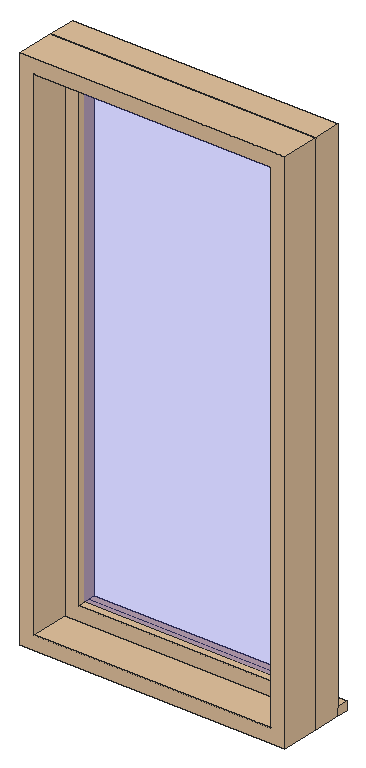
Revit family
Parameters (values of type "24" x 48"")
  Assembly Code = "B2020100"
  Glass Pane Material = Glass
  Height [instance] = 4' - 0"
  Sash Material = Sash
  Default Sill Height = 3' - 0"
  Wall Closure = (empty or 0)
  Width [instance] = 2' - 0"
  Window Inset = 0' - 0 3/4"
Types (4): name | Height | Default Sill Height | Width
  (no name) | 4' - 0" | 3' - 0" | 2' - 0"
  24" x 48" | 4' - 0" | 3' - 0" | 2' - 0"
  16" x 24" | 2' - 0" | 3' - 0" | 1' - 4"
  36" x 72" | 6' - 0" | 1' - 0" | 3' - 0"
Reference planes (in)
  plane 1: y = 0
  plane 2: z = 0
  plane 3 "Center": x = -1.5
  plane 4 "Left": x = -13.5
  plane 5 "Right": x = 10.5
  plane 6 "Sill": z = 36
  plane 7 "Top": z = 84
  plane 8: y = 3
  plane 9: y = -3
  plane 10: y = 2.25
  plane 11 "Closure": y = 1.125
Forms (in)
  Extrusion 1, solid, material "Sash" <- "Sash Material"
    sketch origin (0, 0, 0) x (1, 0, 0) y (0, 0, 1)
      loop
        line (-13.5, 84) -> (-13.5, 36) -> (10.5, 36) -> (10.5, 84) -> (-13.5, 84)
      loop
        line (-12.75, 83.25) -> (-12.75, 36.75) -> (9.75, 36.75) -> (9.75, 83.25) -> (-12.75, 83.25)
    from -3 to -0.5
  Extrusion 2, solid, material "Sash" <- "Sash Material"
    sketch origin (0, 0, 0) x (-1, 0, 0) y (0, 0, 1)
      loop
        line (-10.5, 84) -> (-10.5, 36) -> (13.5, 36) -> (13.5, 84) -> (-10.5, 84)
      loop
        line (-9.25, 82.75) -> (-9.25, 37.25) -> (12.25, 37.25) -> (12.25, 82.75) -> (-9.25, 82.75)
    from 0.5 to -3
  Extrusion 3, solid, material "Sash" <- "Sash Material"
    sketch origin (0, 0, 0) x (-1, 0, 0) y (0, 0, 1)
      loop
        line (-9.75, 83.25) -> (-9.75, 36.75) -> (12.75, 36.75) -> (12.75, 83.25) -> (-9.75, 83.25)
      loop
        line (-8, 81.5) -> (-8, 38.5) -> (11, 38.5) -> (11, 81.5) -> (-8, 81.5)
    from 0.5 to 2.25
  Extrusion 4, solid, material "Glass" <- "Glass Pane Material"
    sketch origin (-4.9201, 0, -4.60771) x (1, 0, 0) y (0, 0, 1)
      loop
        line (-6.0799, 86.10771) -> (-6.0799, 43.10771) -> (12.9201, 43.10771) -> (12.9201, 86.10771) -> (-6.0799, 86.10771)
    from -1.625 to -1.125
  Extrusion 5, solid, material "Sash" <- "Sash Material"
    sketch origin (0, 0, 0) x (-1, 0, 0) y (0, 0, 1)
      loop
        line (-10.5, 36.75) -> (-10.5, 36) -> (13.5, 36) -> (13.5, 36.75) -> (-10.5, 36.75)
    from 3 to 4
Lines and regions (in)
  Opening 1
    outline origin (-60, -3, 0) x (1, 0, 0) y (0, 0, 1)
      loop
        line (46.5, 84) -> (46.5, 36) -> (70.5, 36) -> (70.5, 84) -> (46.5, 84)
  symbolic lines, style "WindowsFrameMullionProjection"
    curve 1: line (-13.5, 3, 0) -> (-12.75, 3, 0)
    curve 2: line (-12.75, 0.5, 0) -> (-12.75, 3, 0)
    curve 3: line (-12.75, 0.5, 0) -> (-12.25, 0.5, 0)
    curve 4: line (-12.25, -3, 0) -> (-12.25, 0.5, 0)
    curve 5: line (10.5, 3, 0) -> (9.75, 3, 0)
    curve 6: line (9.25, 0.5, 0) -> (9.25, -3, 0)
    curve 7: line (9.25, 0.5, 0) -> (9.75, 0.5, 0)
    curve 8: line (9.75, 0.5, 0) -> (9.75, 3, 0)
    curve 9: line (-12.75, 2.25, 0) -> (-11, 2.25, 0)
    curve 10: line (-12.75, 2.25, 0) -> (-12.75, 0.5, 0)
    curve 11: line (-12.75, 0.5, 0) -> (-11, 0.5, 0)
    curve 12: line (-11, 2.25, 0) -> (-11, 0.5, 0)
    curve 13: line (9.75, 2.25, 0) -> (8, 2.25, 0)
    curve 14: line (9.75, 2.25, 0) -> (9.75, 0.5, 0)
    curve 15: line (9.75, 0.5, 0) -> (8, 0.5, 0)
    curve 16: line (8, 2.25, 0) -> (8, 0.5, 0)
    curve 18: line (-12.25, -3, 0) -> (-13.5, -3, 0)
    curve 19: line (9.25, -3, 0) -> (10.5, -3, 0)
  symbolic lines, style "WindowsGlassProjection"
    curve 17: line (-11, 1.375, 0) -> (8, 1.375, 0)
Text (in)
  text "EXTERIOR" at (-43.10265, 45.65523, 0), in view "Floor Line"
  text "INTERIOR" at (-45.40892, -34.49377, 0), in view "Floor Line"
  text "Exterior" at (0, 58.51958, 97.78696), in view "Left"
  text "Exterior" at (0, 18.29385, 111.46771), in view "Right"
Dimensions and locks (in)
  equal spacing: plane 4 "Left", plane 3 "Center", plane 5 "Right"
  "Width": plane 4 "Left" to plane 5 "Right"
  "Default Sill Height": plane 2 to plane 6 "Sill"
  "Window Inset": plane 8 to plane 10
  locked: plane 10 to Extrusion 3 at 1.75
  locked: plane 10 to Extrusion 4 at 0.625
  locked: Extrusion 4 to Extrusion 4 at 0.5
  locked: Extrusion 5 sketch curve to Extrusion 1 at 0.75
  "Height": plane 6 "Sill" to plane 7 "Top"
  locked: Extrusion 5 to Extrusion 1 at 1
  locked: plane 11 "Closure" to plane 10 at 1.125
  aligned and locked: plane 7 "Top" to Opening 1 sketch curve
  aligned and locked: plane 6 "Sill" to Opening 1 sketch curve  (x2)
  aligned and locked: plane 5 "Right" to Opening 1 sketch curve
  aligned and locked: plane 4 "Left" to Opening 1 sketch curve
  aligned and locked: plane 9 to host wall
  aligned and locked: host wall to Extrusion 2
  aligned and locked: plane 10 to Extrusion 3
  aligned and locked: plane 8 to host wall
  aligned and locked: host wall to Extrusion 1
  aligned and locked: Extrusion 2 to Extrusion 1
  aligned and locked: Extrusion 1 to Extrusion 3
  aligned and locked: Extrusion 4 sketch curve to Extrusion 3  (x4)
  aligned and locked: curve 5 to Extrusion 1  (x2)
  aligned and locked: curve 6 to Extrusion 2
  aligned and locked: curve 4 to Extrusion 2
  aligned and locked: curve 16 to Extrusion 3
  aligned and locked: Extrusion 1 to curve 11
  aligned and locked: Extrusion 1 to curve 7
  aligned and locked: Extrusion 5 to host wall
Automatic sketch dimensions
  Extrusion 1 sketch curve to plane 4 "Left" = 0' - 0"
  Extrusion 1 sketch curve to plane 5 "Right" = 0' - 0"
  Extrusion 1 sketch curve to plane 4 "Left" = 0' - 0 3/4"
  plane 5 "Right" to Extrusion 1 sketch curve = 0' - 0 3/4"
  Extrusion 1 sketch curve to plane 6 "Sill" = 0' - 0"
  Extrusion 1 sketch curve to plane 7 "Top" = 0' - 0"
  Extrusion 1 sketch curve to plane 6 "Sill" = 0' - 0 3/4"
  plane 7 "Top" to Extrusion 1 sketch curve = 0' - 0 3/4"
  Extrusion 2 sketch curve to plane 5 "Right" = 0' - 0"
  Extrusion 2 sketch curve to plane 4 "Left" = 0' - 0"
  plane 5 "Right" to Extrusion 2 sketch curve = 0' - 1 1/4"
  Extrusion 2 sketch curve to plane 4 "Left" = 0' - 1 1/4"
  Extrusion 2 sketch curve to plane 6 "Sill" = 0' - 0"
  Extrusion 2 sketch curve to plane 7 "Top" = 0' - 0"
  Extrusion 2 sketch curve to plane 6 "Sill" = 0' - 1 1/4"
  plane 7 "Top" to Extrusion 2 sketch curve = 0' - 1 1/4"
  plane 5 "Right" to Extrusion 3 sketch curve = 0' - 0 3/4"
  plane 5 "Right" to Extrusion 3 sketch curve = 0' - 2 1/2"
  Extrusion 3 sketch curve to plane 4 "Left" = 0' - 2 1/2"
  Extrusion 3 sketch curve to plane 4 "Left" = 0' - 0 3/4"
  Extrusion 3 sketch curve to plane 6 "Sill" = 0' - 0 3/4"
  Extrusion 3 sketch curve to plane 6 "Sill" = 0' - 2 1/2"
  plane 7 "Top" to Extrusion 3 sketch curve = 0' - 2 1/2"
  plane 7 "Top" to Extrusion 3 sketch curve = 0' - 0 3/4"
  curve 18 to plane 4 "Left" = 0' - 0"
  curve 1 to plane 4 "Left" = 0' - 0"
  curve 2 to plane 8 = 0' - 0"
  curve 10 to plane 10 = 0' - 0"
  curve 13 to plane 10 = 0' - 0"
  curve 19 to plane 5 "Right" = 0' - 0"
  curve 1 to curve 2 = 0' - 0 3/4"
  curve 9 to curve 12 = 0' - 1 3/4"
  plane 5 "Right" to curve 13 = 0' - 0 3/4"
  curve 19 to plane 9 = 0' - 0"
  curve 4 to plane 9 = 0' - 0"
  curve 11 to curve 17 = 0' - 0 7/8"
  Extrusion 5 sketch curve to plane 5 "Right" = 0' - 0"
  Extrusion 5 sketch curve to plane 4 "Left" = 0' - 0"
  Extrusion 5 sketch curve to plane 6 "Sill" = 0' - 0 3/4"
